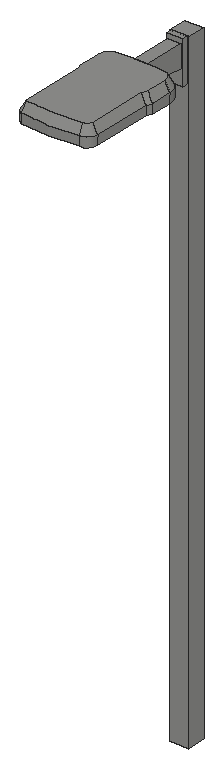
Revit family "VP-2-ASQU", category Lighting Fixtures, host Face, Revit 2019 (continued)
Definition of nested family "SIZE2-ASQU"
  Automatic sketch dimensions
    Extrusion 22 sketch curve to plane 4 = 1.71682"
    Extrusion 22 sketch curve to plane 8 = 0.46661"
    Extrusion 22 sketch curve to Extrusion 22 sketch curve = 0.02618"
    Extrusion 22 sketch curve to Extrusion 22 sketch curve = 0.1119"
    Extrusion 22 sketch curve to plane 8 = 0.03691"
    Extrusion 22 sketch curve to Extrusion 22 sketch curve = 0.36056"
    Extrusion 22 sketch curve to plane 8 = 0.00781"
    Extrusion 22 sketch curve to Extrusion 22 sketch curve = 0.06241"
    Extrusion 22 sketch curve to Extrusion 22 sketch curve = 0.47992"
    Extrusion 22 sketch curve to Extrusion 22 sketch curve = 0.20146"
    Extrusion 23 sketch curve to plane 4 = 1.71682"
    Extrusion 23 sketch curve to plane 8 = 0.46661"
    Extrusion 23 sketch curve to Extrusion 23 sketch curve = 0.02618"
    Extrusion 23 sketch curve to Extrusion 23 sketch curve = 0.1119"
    Extrusion 23 sketch curve to plane 8 = 0.03691"
    Extrusion 23 sketch curve to Extrusion 23 sketch curve = 0.36056"
    Extrusion 23 sketch curve to plane 8 = 0.00781"
    Extrusion 23 sketch curve to Extrusion 23 sketch curve = 0.06241"
    Extrusion 23 sketch curve to Extrusion 23 sketch curve = 0.47992"
    Extrusion 23 sketch curve to Extrusion 23 sketch curve = 0.20146"
    Extrusion 24 sketch curve to plane 4 = 1.71682"
    Extrusion 24 sketch curve to plane 8 = 0.46661"
    Extrusion 24 sketch curve to Extrusion 24 sketch curve = 0.02618"
    Extrusion 24 sketch curve to Extrusion 24 sketch curve = 0.1119"
    Extrusion 24 sketch curve to plane 8 = 0.03691"
    Extrusion 24 sketch curve to Extrusion 24 sketch curve = 0.36056"
    Extrusion 24 sketch curve to plane 8 = 0.00781"
    Extrusion 24 sketch curve to Extrusion 24 sketch curve = 0.06241"
    Extrusion 24 sketch curve to Extrusion 24 sketch curve = 0.47992"
    Extrusion 24 sketch curve to Extrusion 24 sketch curve = 0.20146"
    Extrusion 25 sketch curve to plane 4 = 1.71682"
    Extrusion 25 sketch curve to plane 8 = 0.46661"
    Extrusion 25 sketch curve to Extrusion 25 sketch curve = 0.02618"
    Extrusion 25 sketch curve to Extrusion 25 sketch curve = 0.1119"
    Extrusion 25 sketch curve to plane 8 = 0.03691"
    Extrusion 25 sketch curve to Extrusion 25 sketch curve = 0.36056"
    Extrusion 25 sketch curve to plane 8 = 0.00781"
    Extrusion 25 sketch curve to Extrusion 25 sketch curve = 0.06241"
    Extrusion 25 sketch curve to Extrusion 25 sketch curve = 0.47992"
    Extrusion 25 sketch curve to Extrusion 25 sketch curve = 0.20146"
    Extrusion 26 sketch curve to plane 5 = 1.71682"
    plane 8 to Extrusion 26 sketch curve = 0.46661"
    Extrusion 26 sketch curve to Extrusion 26 sketch curve = 0.02618"
    Extrusion 26 sketch curve to Extrusion 26 sketch curve = 0.1119"
    plane 8 to Extrusion 26 sketch curve = 0.03691"
    Extrusion 26 sketch curve to Extrusion 26 sketch curve = 0.36056"
    plane 8 to Extrusion 26 sketch curve = 0.00781"
    Extrusion 26 sketch curve to Extrusion 26 sketch curve = 0.06241"
    Extrusion 26 sketch curve to Extrusion 26 sketch curve = 0.47992"
    Extrusion 26 sketch curve to Extrusion 26 sketch curve = 0.20146"
    plane 5 to Extrusion 27 sketch curve = 1.71682"
    Extrusion 27 sketch curve to plane 8 = 0.46661"
    Extrusion 27 sketch curve to Extrusion 27 sketch curve = 0.02618"
    Extrusion 27 sketch curve to Extrusion 27 sketch curve = 0.1119"
    Extrusion 27 sketch curve to plane 8 = 0.03691"
    Extrusion 27 sketch curve to Extrusion 27 sketch curve = 0.36056"
    Extrusion 27 sketch curve to plane 8 = 0.00781"
    Extrusion 27 sketch curve to Extrusion 27 sketch curve = 0.06241"
    Extrusion 27 sketch curve to Extrusion 27 sketch curve = 0.47992"
    Extrusion 27 sketch curve to Extrusion 27 sketch curve = 0.20146"
    plane 5 to Extrusion 28 sketch curve = 1.71682"
    Extrusion 28 sketch curve to plane 8 = 0.46661"
    Extrusion 28 sketch curve to Extrusion 28 sketch curve = 0.02618"
    Extrusion 28 sketch curve to Extrusion 28 sketch curve = 0.1119"
    Extrusion 28 sketch curve to plane 8 = 0.03691"
    Extrusion 28 sketch curve to Extrusion 28 sketch curve = 0.36056"
    Extrusion 28 sketch curve to plane 8 = 0.00781"
    Extrusion 28 sketch curve to Extrusion 28 sketch curve = 0.06241"
    Extrusion 28 sketch curve to Extrusion 28 sketch curve = 0.47992"
    Extrusion 28 sketch curve to Extrusion 28 sketch curve = 0.20146"
    plane 5 to Extrusion 29 sketch curve = 1.71682"
    Extrusion 29 sketch curve to plane 8 = 0.46661"
    Extrusion 29 sketch curve to Extrusion 29 sketch curve = 0.02618"
    Extrusion 29 sketch curve to Extrusion 29 sketch curve = 0.1119"
    Extrusion 29 sketch curve to plane 8 = 0.03691"
    Extrusion 29 sketch curve to Extrusion 29 sketch curve = 0.36056"
    Extrusion 29 sketch curve to plane 8 = 0.00781"
    Extrusion 29 sketch curve to Extrusion 29 sketch curve = 0.06241"
    Extrusion 29 sketch curve to Extrusion 29 sketch curve = 0.47992"
    Extrusion 29 sketch curve to Extrusion 29 sketch curve = 0.20146"
    plane 5 to Extrusion 30 sketch curve = 1.71682"
    Extrusion 30 sketch curve to plane 8 = 0.46661"
    Extrusion 30 sketch curve to Extrusion 30 sketch curve = 0.02618"
    Extrusion 30 sketch curve to Extrusion 30 sketch curve = 0.1119"
    Extrusion 30 sketch curve to plane 8 = 0.03691"
    Extrusion 30 sketch curve to Extrusion 30 sketch curve = 0.36056"
    Extrusion 30 sketch curve to plane 8 = 0.00781"
    Extrusion 30 sketch curve to Extrusion 30 sketch curve = 0.06241"
    Extrusion 30 sketch curve to Extrusion 30 sketch curve = 0.47992"
    Extrusion 30 sketch curve to Extrusion 30 sketch curve = 0.20146"
    plane 5 to Extrusion 31 sketch curve = 1.77513"
    Extrusion 31 sketch curve to Extrusion 31 sketch curve = 0.35"  (x3)
    Extrusion 31 sketch curve to plane 4 = 2.07197"  (x2)
    plane 6 to Extrusion 31 sketch curve = 7.81182"
    Extrusion 31 sketch curve to Extrusion 31 sketch curve = 5.05"
    plane 5 to Extrusion 32 sketch curve = 2.33171"
    Extrusion 32 sketch curve to Extrusion 32 sketch curve = 0.00"  (x61)
    Extrusion 32 sketch curve to Extrusion 32 sketch curve = 0.51875"  (x27)
    plane 6 to Extrusion 32 sketch curve = 8.73694"
    Extrusion 32 sketch curve to Extrusion 32 sketch curve = 0.50"  (x72)
    plane 4 to Extrusion 33 sketch curve = 2.33171"
    Extrusion 33 sketch curve to Extrusion 33 sketch curve = 0.00"  (x61)
    Extrusion 33 sketch curve to Extrusion 33 sketch curve = 0.51875"  (x27)
    Extrusion 33 sketch curve to plane 6 = 8.73694"
    Extrusion 33 sketch curve to Extrusion 33 sketch curve = 0.50"  (x72)
    plane 5 to Extrusion 34 sketch curve = 1.89345"
    Extrusion 34 sketch curve to Extrusion 34 sketch curve = 0.25"  (x3)
    Extrusion 34 sketch curve to plane 3 "Center (Left/Right)" = 0.54655"  (x2)
    plane 6 to Extrusion 34 sketch curve = 8.2409"
    Extrusion 34 sketch curve to Extrusion 34 sketch curve = 4.50"
    plane 4 to Extrusion 35 sketch curve = 1.89345"
    Extrusion 35 sketch curve to Extrusion 35 sketch curve = 0.25"  (x3)
    Extrusion 35 sketch curve to plane 3 "Center (Left/Right)" = 0.54655"  (x2)
    Extrusion 35 sketch curve to plane 6 = 8.2409"
    Extrusion 35 sketch curve to Extrusion 35 sketch curve = 4.50"
    Extrusion 36 sketch curve to plane 9 = 0.00"
    Extrusion 36 sketch curve to plane 8 = 0.1127"
    plane 8 to Extrusion 36 sketch curve = 1.12955"
    Extrusion 36 sketch curve to level = 1.41252"
    plane 6 to Extrusion 36 sketch curve = 0.68266"
    Extrusion 37 sketch curve to plane 3 "Center (Left/Right)" = 1.50"
    plane 3 "Center (Left/Right)" to Extrusion 37 sketch curve = 1.50"
    plane 8 to Extrusion 37 sketch curve = 3.692"
    Extrusion 37 sketch curve to plane 9 = 0.828"
    radius of Extrusion 7 sketch curve = 0.15"  (x81)
    radius of Extrusion 8 sketch curve = 0.15"  (x81)
    radius of Extrusion 32 sketch curve = 0.15"  (x81)
    radius of Extrusion 33 sketch curve = 0.15"  (x81)
